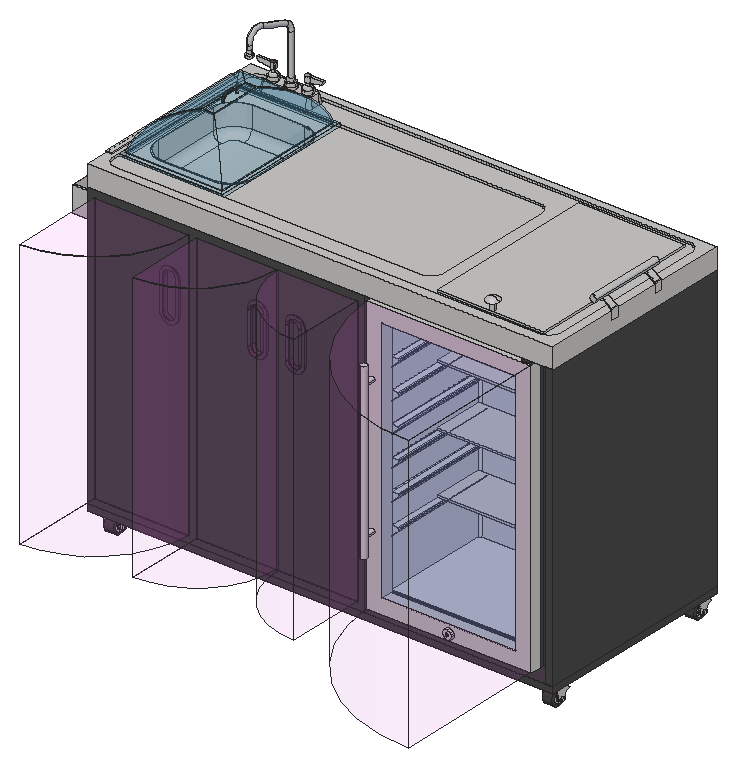
Revit family "QF_Summit_CARTOS54LG_Mobile_Outdoor_Serving_Station_with_Refrigerator", category Specialty Equipment, Revit 2020
Family settings
  Round Connector Dimension = Use Diameter
  Part Type = Normal
  Work Plane-Based = No
  Always vertical = Yes
  Cut with Voids When Loaded = No
  Shared = No
  Room Calculation Point = No
Parameters
  Weight in Pounds = 180
  Watts = Volts * FL Amps  # 0 W
  Volts = 0 V
  URL Cutsheet = ""
  Specification by User = ""
  Specification by Manufacturer = ""
  Show RHD [instance] = yes
  Show LHD [instance] = not(Show RHD)  # no
  Show Clearance [instance] = yes
  Serial Number = ""
  Seismic Rating = ""
  SMACNA No = ""
  Revision Code = ""
  Refrigerant Volume = 0.00 kip
  Refrigerant Type = "R600a"
  Phase = 0
  Number of Poles = 1
  NAFEM Spec ID Number = ""
  Model = "CARTOS54LG"
  Min Ckt Ampacity = 0 A
  Max Overcurrent Protection = 0 A
  Masterspec = ""
  Manufacturer = "Summit"
  Length = 57 7/8"
  Item Number = ""
  Installed By = ""
  Identify Quantity as Lot = yes
  Height = 38 1/2"
  HP = ""
  Furnished By = ""
  Foodservice Equipment Identifier = yes
  FL Amps = 0 A
  Electrical Remarks = ""
  Electric Connection Type = ""
  Elec Conn RI Height = 0"
  Elec Conn Connection Height = 0"
  Description = "Mobile Outdoor Serving Station with Refrigerator"
  Depth = 23 5/8"
  Default Elevation = 0"
  Cycle = 0 Hz
  Conn Plug = ""
  Conn Conduit = yes
  CSI MasterFormat = ""
  Apparent Power = if(Phase = 3, Volts * FL Amps * 1.73, Volts * FL Amps)  # 0 VA
Reference planes (in)
  plane 1 "BACK": y = 0
  plane 2: z = 0
  plane 3 "LEFT": x = -5.125
  plane 4 "RIGHT": x = 48.75
  plane 5 "FRONT": y = -23.625
  plane 6 "TOP": z = 38.5
  plane 7 "Center Y": x = 21.8125
  plane 8 "Center X": y = -11.8125
  plane 9 "Base Height": z = 2.5
  plane 10: y = -38.63
  plane 11: z = 3.25
  plane 12: x = -3.375
  plane 13: x = -9.125
Forms (in)
  Extrusion 1, solid, material "QF_Metal - Stainless - Polished"
    sketch origin (32, 0, 38.5) x (-1, 0, 0) y (0, -1, 0)
      loop
        line (37.125, 0) -> (37.125, 23.625) -> (-16.75, 23.625) -> (-16.75, 0) -> (37.125, 0)
      loop
        arc (35.4375, 15.73093) -> (34.68696, 17.54289) -> (32.875, 18.29343) r 2.5625
        line (32.875, 18.29343) -> (26.875, 18.29343)
        arc (26.875, 18.29343) -> (25.06304, 17.54289) -> (24.3125, 15.73093) r 2.5625
        line (24.3125, 15.73093) -> (24.3125, 7.73093)
        arc (24.3125, 7.73093) -> (25.06304, 5.91896) -> (26.875, 5.16843) r 2.5625
        line (26.875, 5.16843) -> (32.875, 5.16843)
        arc (32.875, 5.16843) -> (34.68696, 5.91896) -> (35.4375, 7.73093) r 2.5625
        line (35.4375, 7.73093) -> (35.4375, 15.73093)
    from 0 to -2.375
  Sweep 2, solid, material "QF_Metal - Stainless - Polished"
    path origin (-7.6696, 0.875, 0) x (1, 0, 0) y (0, 1, 0)
      loop
        arc (4.2946, -16.60593) -> (5.02683, -18.37369) -> (6.7946, -19.10593) r 2.5
        line (6.7946, -19.10593) -> (12.7946, -19.10593)
        arc (12.7946, -19.10593) -> (14.56236, -18.37369) -> (15.2946, -16.60593) r 2.5
        line (15.2946, -16.60593) -> (15.2946, -8.60593)
        arc (15.2946, -8.60593) -> (14.56236, -6.83816) -> (12.7946, -6.10593) r 2.5
        line (12.7946, -6.10593) -> (6.7946, -6.10593)
        arc (6.7946, -6.10593) -> (5.02683, -6.83816) -> (4.2946, -8.60593) r 2.5
        line (4.2946, -8.60593) -> (4.2946, -16.60593)
    profile origin (-3.375, -11.73093, 0) x (-1, 0, 0) y (0, 0, 1)
      loop
        line (0, 38) -> (0, 35.5625)
        arc (0, 35.5625) -> (-0.29289, 34.85539) -> (-1, 34.5625) r 1
        line (-1, 34.5625) -> (-1, 34.5)
        arc (-1, 34.5) -> (-0.2487, 34.8112) -> (0.0625, 35.5625) r 1.0625
        line (0.0625, 35.5625) -> (0.0625, 38) -> (0, 38)
  Extrusion 3, solid, material "QF_Plastic - Black - Smooth"
    sketch origin (-18.18739, -180, 2.5) x (-1, 0, 0) y (0, -1, 0)
      loop
        line (-13.06239, -180) -> (-13.06239, -156.375) -> (-13.93739, -156.375) -> (-13.93739, -179) -> (-44.31239, -179) -> (-44.31239, -156.375) -> (-45.18739, -156.375) -> (-45.18739, -179) -> (-66.06239, -179) -> (-66.06239, -156.375) -> (-66.93739, -156.375) -> (-66.93739, -180) -> (-13.06239, -180)
    from 0.75 to 33.625
  Extrusion 4, solid, material "QF_Plastic - Black - Smooth"
    sketch origin (-4.25, -23.625, 2.5) x (-1, 0, 0) y (0, 0, -1)
      loop
        line (0, -33.625) -> (0, -32.75) -> (-10.875, -32.75) -> (-10.875, -33.625) -> (0, -33.625)
      loop
        line (-11.75, -33.625) -> (-11.75, -32.75) -> (-30.375, -32.75) -> (-30.375, -33.625) -> (-11.75, -33.625)
    from 0 to -1
  Extrusion 5, solid, material "QF_Plastic - Black - Smooth"
    sketch origin (4.5, -1, 2.5) x (1, 0, 0) y (0, 0, 1)
      loop
        line (-8.75, 1.625) -> (-8.75, 0.75) -> (21.625, 0.75) -> (21.625, 1.625) -> (-8.75, 1.625)
    from 0 to 22.625
  Extrusion 6, solid, material "QF_Plastic - Black - Smooth"
    sketch origin (20, -23.625, 2.5) x (-1, 0, 0) y (0, 0, -1)
      loop
        line (24.25, -1.625) -> (13.375, -1.625) -> (13.375, -32.75) -> (24.25, -32.75) -> (24.25, -1.625)
      loop
        line (12.5, -32.75) -> (12.5, -1.625) -> (3.1875, -1.625) -> (3.1875, -32.75) -> (12.5, -32.75)
      loop
        line (3.0625, -32.75) -> (3.0625, -1.625) -> (-6.125, -1.625) -> (-6.125, -32.75) -> (3.0625, -32.75)
    from 0 to -1
  Extrusion 7, void
    sketch origin (7.40962, -23.625, 2.5) x (-1, 0, 0) y (0, 0, -1)
      loop
        line (3.78462, -27.625) -> (3.78462, -23.875)
        arc (3.78462, -23.875) -> (3.03462, -23.125) -> (2.28462, -23.875) r 0.75
        line (2.28462, -23.875) -> (2.28462, -27.625)
        arc (2.28462, -27.625) -> (3.03462, -28.375) -> (3.78462, -27.625) r 0.75
    from 0.5 to -0.5009
  Extrusion 8, solid, material "QF_Plastic - Black - Smooth"
    sketch origin (7.15962, -23.625, 2.5) x (-1, 0, 0) y (0, 0, -1)
      loop
        arc (3.53462, -23.875) -> (2.78462, -23.125) -> (2.03462, -23.875) r 0.75
        line (2.03462, -23.875) -> (2.03462, -27.625)
        arc (2.03462, -27.625) -> (2.78462, -28.375) -> (3.53462, -27.625) r 0.75
        line (3.53462, -27.625) -> (3.53462, -23.875)
      loop
        line (3.90962, -27.625) -> (3.90962, -23.875)
        arc (3.90962, -23.875) -> (2.78462, -22.75) -> (1.65962, -23.875) r 1.125
        line (1.65962, -23.875) -> (1.65962, -27.625)
        arc (1.65962, -27.625) -> (2.78462, -28.75) -> (3.90962, -27.625) r 1.125
    from 0 to 0.0625
  Extrusion 9, solid, material "QF_Metal - Stainless - Polished"
    sketch origin (-21.5615, 0.875, 5.375) x (1, 0, 0) y (0, 1, 0)
      loop
        line (19.1865, -8.60593) -> (19.1865, -16.60593)
        arc (19.1865, -16.60593) -> (19.62584, -17.66659) -> (20.6865, -18.10593) r 1.5
        line (20.6865, -18.10593) -> (26.6865, -18.10593)
        arc (26.6865, -18.10593) -> (27.74716, -17.66659) -> (28.1865, -16.60593) r 1.5
        line (28.1865, -16.60593) -> (28.1865, -8.60593)
        arc (28.1865, -8.60593) -> (27.74716, -7.54527) -> (26.6865, -7.10593) r 1.5
        line (26.6865, -7.10593) -> (20.6865, -7.10593)
        arc (20.6865, -7.10593) -> (19.62584, -7.54527) -> (19.1865, -8.60593) r 1.5
      loop
        circle (22.6865, -15.35593) r 0.875
    from 29.125 to 29.1875
  Extrusion 10, solid, material "QF_Clearances_Door_Drawer", visible <- "Show Clearance"
    sketch origin (-7.19319, 0, 0) x (1, 0, 0) y (0, 1, 0)
      loop
        arc (24.13069, -23.625) -> (26.82165, -30.12154) -> (33.31819, -32.8125) r 9.1875
        line (33.31819, -32.8125) -> (33.31819, -23.625) -> (24.13069, -23.625)
      loop
        line (24.00569, -23.625) -> (14.69319, -23.625) -> (14.69319, -32.9375)
        arc (14.69319, -32.9375) -> (21.27813, -30.20993) -> (24.00569, -23.625) r 9.3125
      loop
        line (13.81819, -23.625) -> (2.94319, -23.625) -> (2.94319, -34.5)
        arc (2.94319, -34.5) -> (10.63298, -31.31479) -> (13.81819, -23.625) r 10.875
    from 4.125 to 35.25
  Extrusion 11, void
    sketch origin (32, 0, 38.5) x (-1, 0, 0) y (0, -1, 0)
      loop
        arc (-15.75, 2.35593) -> (-15.31066, 1.29527) -> (-14.25, 0.85593) r 1.5
        line (-14.25, 0.85593) -> (34.625, 0.85593)
        arc (34.625, 0.85593) -> (35.68566, 1.29527) -> (36.125, 2.35593) r 1.5
        line (36.125, 2.35593) -> (36.125, 21.125)
        arc (36.125, 21.125) -> (35.68566, 22.18566) -> (34.625, 22.625) r 1.5
        line (34.625, 22.625) -> (-14.25, 22.625)
        arc (-14.25, 22.625) -> (-15.31066, 22.18566) -> (-15.75, 21.125) r 1.5
        line (-15.75, 21.125) -> (-15.75, 2.35593)
      loop
        arc (26.875, 18.29343) -> (25.06304, 17.54289) -> (24.3125, 15.73093) r 2.5625
        line (24.3125, 15.73093) -> (24.3125, 7.73093)
        arc (24.3125, 7.73093) -> (25.06304, 5.91896) -> (26.875, 5.16843) r 2.5625
        line (26.875, 5.16843) -> (32.875, 5.16843)
        arc (32.875, 5.16843) -> (34.68696, 5.91896) -> (35.4375, 7.73093) r 2.5625
        line (35.4375, 7.73093) -> (35.4375, 15.73093)
        arc (35.4375, 15.73093) -> (34.68696, 17.54289) -> (32.875, 18.29343) r 2.5625
        line (32.875, 18.29343) -> (26.875, 18.29343)
    from -0.25 to 1
  Extrusion 12, void
    sketch origin (32, 0, 38.25) x (-1, 0, 0) y (0, -1, 0)
      loop
        line (1.125, 3.35593) -> (36.125, 3.35593) -> (36.125, 20.35593) -> (1.125, 20.35593)
        arc (1.125, 20.35593) -> (0.06434, 19.91659) -> (-0.375, 18.85593) r 1.5
        line (-0.375, 18.85593) -> (-0.375, 4.85593)
        arc (-0.375, 4.85593) -> (0.06434, 3.79527) -> (1.125, 3.35593) r 1.5
      loop
        line (-2.0625, 1.5) -> (-2.0625, 22) -> (-14.3125, 22) -> (-14.3125, 1.5) -> (-2.0625, 1.5)
    from -0.25 to 1
  Extrusion 13, void
    sketch origin (8.05337, -23.625, 7.37985) x (-1, 0, 0) y (0, 0, -1)
      loop
        arc (-5.75913, -18.99515) -> (-6.50913, -18.24515) -> (-7.25913, -18.99515) r 0.75
        line (-7.25913, -18.99515) -> (-7.25913, -22.74515)
        arc (-7.25913, -22.74515) -> (-6.50913, -23.49515) -> (-5.75913, -22.74515) r 0.75
        line (-5.75913, -22.74515) -> (-5.75913, -18.99515)
    from 0.5 to -0.5009
  Extrusion 14, solid, material "QF_Plastic - Black - Smooth"
    sketch origin (7.80337, -23.625, 7.37985) x (-1, 0, 0) y (0, 0, -1)
      loop
        arc (-7.50913, -22.74515) -> (-6.75913, -23.49515) -> (-6.00913, -22.74515) r 0.75
        line (-6.00913, -22.74515) -> (-6.00913, -18.99515)
        arc (-6.00913, -18.99515) -> (-6.75913, -18.24515) -> (-7.50913, -18.99515) r 0.75
        line (-7.50913, -18.99515) -> (-7.50913, -22.74515)
      loop
        arc (-7.88413, -22.74515) -> (-6.75913, -23.87015) -> (-5.63413, -22.74515) r 1.125
        line (-5.63413, -22.74515) -> (-5.63413, -18.99515)
        arc (-5.63413, -18.99515) -> (-6.75913, -17.87015) -> (-7.88413, -18.99515) r 1.125
        line (-7.88413, -18.99515) -> (-7.88413, -22.74515)
    from 0 to 0.0625
  Extrusion 15, solid, material "QF_Plastic - Black - Smooth"
    sketch origin (-11.06091, -180, 2.5) x (-1, 0, 0) y (0, -1, 0)
      loop
        line (-5.93591, -180) -> (-5.93591, -156.375) -> (-59.81091, -156.375) -> (-59.81091, -180) -> (-5.93591, -180)
    from 0 to 0.75
  Extrusion 16, void
    sketch origin (12.42837, -23.625, 7.37985) x (-1, 0, 0) y (0, 0, -1)
      loop
        arc (-5.75913, -18.99515) -> (-6.50913, -18.24515) -> (-7.25913, -18.99515) r 0.75
        line (-7.25913, -18.99515) -> (-7.25913, -22.74515)
        arc (-7.25913, -22.74515) -> (-6.50913, -23.49515) -> (-5.75913, -22.74515) r 0.75
        line (-5.75913, -22.74515) -> (-5.75913, -18.99515)
    from 0.5 to -0.5009
  Extrusion 17, solid, material "QF_Plastic - Black - Smooth"
    sketch origin (12.17837, -23.625, 7.37985) x (-1, 0, 0) y (0, 0, -1)
      loop
        arc (-7.50913, -22.74515) -> (-6.75913, -23.49515) -> (-6.00913, -22.74515) r 0.75
        line (-6.00913, -22.74515) -> (-6.00913, -18.99515)
        arc (-6.00913, -18.99515) -> (-6.75913, -18.24515) -> (-7.50913, -18.99515) r 0.75
        line (-7.50913, -18.99515) -> (-7.50913, -22.74515)
      loop
        arc (-7.88413, -22.74515) -> (-6.75913, -23.87015) -> (-5.63413, -22.74515) r 1.125
        line (-5.63413, -22.74515) -> (-5.63413, -18.99515)
        arc (-5.63413, -18.99515) -> (-6.75913, -17.87015) -> (-7.88413, -18.99515) r 1.125
        line (-7.88413, -18.99515) -> (-7.88413, -22.74515)
    from 0 to 0.0625
  Extrusion 18, solid, material "QF_Plastic - Black - Smooth"
    sketch origin (-4.25, -23.625, 2.5) x (-1, 0, 0) y (0, 0, -1)
      loop
        line (-10.875, -33.625) -> (-10.875, -0.75) -> (-11.75, -0.75) -> (-11.75, -33.625) -> (-10.875, -33.625)
    from 0 to -1
  Extrusion 19, solid, material "QF_Metal - Stainless - Polished"
    sketch origin (0, 0, 0) x (1, 0, 0) y (0, 0, 1)
      loop
        circle (47.5, 39.77998) r 0.375
    from 7.23093 to 16.24046
  Extrusion 20, solid, material "QF_Metal - Stainless - Polished"
    sketch origin (0, 0, 0) x (1, 0, 0) y (0, 0, 1)
      loop
        line (47.25, 39.50047) -> (47.25, 39.34696)
        arc (47.25, 39.34696) -> (47.37059, 39.29701) -> (47.5, 39.27998) r 0.5
        arc (47.5, 39.27998) -> (47.62819, 39.29669) -> (47.74781, 39.34571) r 0.5
        arc (47.74781, 39.34571) -> (47.80199, 39.35875) -> (47.85473, 39.34077) r 0.1
        line (47.85473, 39.34077) -> (48.70736, 38.74376)
        arc (48.70736, 38.74376) -> (48.7387, 38.70801) -> (48.75, 38.66184) r 0.1
        line (48.75, 38.66184) -> (48.75, 37.66184) -> (48.875, 37.66184) -> (48.875, 38.72691)
        arc (48.875, 38.72691) -> (48.8637, 38.77309) -> (48.83236, 38.80883) r 0.1
        line (48.83236, 38.80883) -> (47.78815, 39.53999)
        arc (47.78815, 39.53999) -> (47.52746, 39.40598) -> (47.25, 39.50047) r 0.375
    from 8.24046 to 8.99046
  Extrusion 21, solid, material "QF_Metal - Stainless - Polished"
    sketch origin (0, -11.8125, 0) x (-1, 0, 0) y (0, 0, 1)
      loop
        arc (-47.85473, 39.34077) -> (-47.80199, 39.35875) -> (-47.74781, 39.34571) r 0.1
        arc (-47.74781, 39.34571) -> (-47.62819, 39.29669) -> (-47.5, 39.27998) r 0.5
        arc (-47.5, 39.27998) -> (-47.37059, 39.29701) -> (-47.25, 39.34696) r 0.5
        line (-47.25, 39.34696) -> (-47.25, 39.50047)
        arc (-47.25, 39.50047) -> (-47.52746, 39.40598) -> (-47.78815, 39.53999) r 0.375
        line (-47.78815, 39.53999) -> (-48.83236, 38.80883)
        arc (-48.83236, 38.80883) -> (-48.8637, 38.77309) -> (-48.875, 38.72691) r 0.1
        line (-48.875, 38.72691) -> (-48.875, 37.66184) -> (-48.75, 37.66184) -> (-48.75, 38.66184)
        arc (-48.75, 38.66184) -> (-48.7387, 38.70801) -> (-48.70736, 38.74376) r 0.1
        line (-48.70736, 38.74376) -> (-47.85473, 39.34077)
    from -2.67796 to -3.42796
  Extrusion 22, solid, material "QF_Metal - Stainless - Polished"
    sketch origin (0, 0, 38.5) x (-1, 0, 0) y (0, -1, 0)
      loop
        line (9.125, 2.8125) -> (9.125, 20.8125) -> (5.125, 20.8125) -> (5.125, 2.8125) -> (9.125, 2.8125)
      loop
        line (9, 2.9375) -> (9, 20.6875) -> (5.25, 20.6875) -> (5.25, 2.9375) -> (9, 2.9375)
    from -4.75 to -7.75
  Extrusion 23, solid, material "QF_Metal - Stainless - Polished"
    sketch origin (0, -11.8125, 0) x (-1, 0, 0) y (0, 0, 1)
      loop
        line (5.25, 33.75) -> (5.25, 38.625) -> (4.625, 38.625) -> (4.625, 38.5) -> (5.125, 38.5) -> (5.125, 33.75) -> (5.25, 33.75)
    from -9 to 9
  Sweep 24, solid, material "Glass"
    path origin (0.14063, -0.00258, 38) x (-1, 0, 0) y (0, -1, 0)
      loop
        line (4.26563, 20.35335) -> (-7.78995, 20.35335) -> (-7.78995, 3.35335) -> (4.26563, 3.35335) -> (4.26563, 20.35335)
    profile origin (-4.125, -11.85593, 38) x (-1, 0, 0) y (0, 0, 1)
      loop
        line (0, 0) -> (0, 0.5) -> (-0.5, 0.5) -> (-0.5, 0) -> (0, 0)
  Sweep 25, solid, material "Glass"
    path in 3D
      loop
        line (-3.625, -3.85593, 38.5) -> (7.43058, -3.85593, 38.5) -> (7.43058, -19.85593, 38.5) -> (-3.625, -19.85593, 38.5) -> (-3.625, -3.85593, 38.5)
    profile origin (-3.625, -11.85593, 38.5) x (-1, 0, 0) y (0, 0, 1)
      loop
        arc (0.12794, 0) -> (-1.6564, 2.93188) -> (-4.8745, 4.12503) r 5.22703
        line (-4.8745, 4.12503) -> (-4.8745, 4)
        arc (-4.8745, 4) -> (-1.74534, 2.84318) -> (0, 0) r 5.10203
        line (0, 0) -> (0.12794, 0)
  Extrusion 26, solid, material "Glass"
    sketch origin (1.80508, -15.56871, 42.49525) x (0, 0, 1) y (0, 1, 0)
      loop
        arc (0.12978, 2.63306) -> (1.00643, 3.76261) -> (0.12978, 4.89216) r 1.16603
        line (0.12978, 4.89216) -> (0.12978, 4.76261)
        arc (0.12978, 4.76261) -> (0.88143, 3.76261) -> (0.12978, 2.76261) r 1.04103
        line (0.12978, 2.76261) -> (0.12978, 2.63306)
    from 0 to -0.251
  Sweep 27, solid, material "Glass", not visible
    path origin (0, 0, 38.25) x (-1, 0, 0) y (0, -1, 0)
      loop
        line (4.26563, 20.35335) -> (-7.78995, 20.35335) -> (-7.78995, 3.35335) -> (4.26563, 3.35335) -> (4.26563, 20.35335)
    profile origin (-4.26563, -11.85335, 38.25) x (-1, 0, 0) y (0, 0, 1)
      loop
        line (0, 0) -> (0, 0.5) -> (-0.5, 0.5) -> (-0.5, 0) -> (0, 0)
  Sweep 28, solid, material "Glass", not visible
    path in 3D
      loop
        line (-3.76563, -3.85335, 38.75) -> (7.28995, -3.85335, 38.75) -> (7.28995, -19.85335, 38.75) -> (-3.76563, -19.85335, 38.75) -> (-3.76563, -3.85335, 38.75)
    profile origin (-3.76563, -11.85335, 38.75) x (-1, 0, 0) y (0, 0, 1)
      loop
        arc (0.12794, 0) -> (-1.6564, 2.93188) -> (-4.8745, 4.12503) r 5.22703
        line (-4.8745, 4.12503) -> (-4.8745, 4)
        arc (-4.8745, 4) -> (-1.74534, 2.84318) -> (0, 0) r 5.10203
        line (0, 0) -> (0.12794, 0)
  Extrusion 29, solid, material "Glass", not visible
    sketch origin (1.66445, -15.56613, 42.74525) x (0, 0, 1) y (0, 1, 0)
      loop
        arc (0.12978, 2.63306) -> (1.00643, 3.76261) -> (0.12978, 4.89216) r 1.16603
        line (0.12978, 4.89216) -> (0.12978, 4.76261)
        arc (0.12978, 4.76261) -> (0.88143, 3.76261) -> (0.12978, 2.76261) r 1.04103
        line (0.12978, 2.76261) -> (0.12978, 2.63306)
    from 0 to -0.251
  Extrusion 30, solid, material "QF_Metal - Stainless - Polished"
    sketch origin (32, 0, 38.25) x (-1, 0, 0) y (0, -1, 0)
      loop
        line (-2.0625, 1.5) -> (-2.0625, 22) -> (-14.3125, 22) -> (-14.3125, 1.5) -> (-2.0625, 1.5)
    from 0 to 0.25
  Revolve 31, solid, material "QF_Metal - Stainless - Polished"
    sketch origin (0, -21.65625, 0) x (-1, 0, 0) y (0, 0, 1)
      loop
        line (-40.1875, 38.5) -> (-39.9375, 38.5) -> (-39.9375, 39.5) -> (-39.4375, 39.5)
        arc (-39.4375, 39.5) -> (-39.76578, 39.77505) -> (-40.1875, 39.84973) r 0.82968
        line (-40.1875, 39.84973) -> (-40.1875, 38.5)
      axis (-40.1875, 39.84973) -> (-40.1875, 38.5)
    angle from 0 to 360
  Extrusion 32, solid, material "Glass"
    sketch origin (1.2495, -14.98142, 42.5) x (0, 1, 0) y (0, 0, 1)
      loop
        line (0, 0) -> (6.251, 0) -> (6.251, 0.12503) -> (0, 0.12503) -> (0, 0)
    from 0 to 1.30657
  Extrusion 33, solid, material "Glass", not visible
    sketch origin (1.10888, -14.97885, 42.75) x (0, 1, 0) y (0, 0, 1)
      loop
        line (0, 0) -> (6.251, 0) -> (6.251, 0.12503) -> (0, 0.12503) -> (0, 0)
    from 0 to 1.30657
Cuts and joins
  joined: Extrusion 3, Extrusion 4, Extrusion 5, Extrusion 18
  Extrusion 7, Extrusion 13, Extrusion 16 cuts Extrusion 6
  Extrusion 13 cuts Extrusion 8
  Extrusion 13, Extrusion 16 cuts Extrusion 10
  Extrusion 13, Extrusion 16 cuts Extrusion 14
  Extrusion 11, Extrusion 12 cuts Extrusion 1
  Extrusion 16 cuts Extrusion 17
  joined: Sweep 2, Extrusion 9
  joined: Extrusion 22, Extrusion 23
  joined: Sweep 24, Sweep 25, Extrusion 26, Extrusion 32
Lines and regions (in)
  Split face 1
    outline origin (-4.125, -3.35593, 38) x (1, 0, 0) y (0, 1, 0)
      loop
        arc (13.875, -1.875) -> (13.5, -2.25) -> (13.875, -2.625) r 0.375
        line (13.875, -2.625) -> (34.625, -2.625)
        arc (34.625, -2.625) -> (35, -2.25) -> (34.625, -1.875) r 0.375
        line (34.625, -1.875) -> (13.875, -1.875)
  Split face 2
    outline origin (-4.125, -3.35593, 38) x (1, 0, 0) y (0, 1, 0)
      loop
        arc (13.875, -3.125) -> (13.5, -3.5) -> (13.875, -3.875) r 0.375
        line (13.875, -3.875) -> (34.625, -3.875)
        arc (34.625, -3.875) -> (35, -3.5) -> (34.625, -3.125) r 0.375
        line (34.625, -3.125) -> (13.875, -3.125)
  Split face 3
    outline origin (-4.125, -3.35593, 38) x (1, 0, 0) y (0, 1, 0)
      loop
        arc (13.875, -4.375) -> (13.5, -4.75) -> (13.875, -5.125) r 0.375
        line (13.875, -5.125) -> (34.625, -5.125)
        arc (34.625, -5.125) -> (35, -4.75) -> (34.625, -4.375) r 0.375
        line (34.625, -4.375) -> (13.875, -4.375)
  Split face 4
    outline origin (-4.125, -3.35593, 38) x (1, 0, 0) y (0, 1, 0)
      loop
        arc (13.875, -5.625) -> (13.5, -6) -> (13.875, -6.375) r 0.375
        line (13.875, -6.375) -> (34.625, -6.375)
        arc (34.625, -6.375) -> (35, -6) -> (34.625, -5.625) r 0.375
        line (34.625, -5.625) -> (13.875, -5.625)
  Split face 5
    outline origin (-4.125, -3.35593, 38) x (1, 0, 0) y (0, 1, 0)
      loop
        arc (13.875, -6.875) -> (13.5, -7.25) -> (13.875, -7.625) r 0.375
        line (13.875, -7.625) -> (34.625, -7.625)
        arc (34.625, -7.625) -> (35, -7.25) -> (34.625, -6.875) r 0.375
        line (34.625, -6.875) -> (13.875, -6.875)
  Split face 6
    outline origin (-4.125, -3.35593, 38) x (1, 0, 0) y (0, 1, 0)
      loop
        line (13.875, -8.875) -> (34.625, -8.875)
        arc (34.625, -8.875) -> (35, -8.5) -> (34.625, -8.125) r 0.375
        line (34.625, -8.125) -> (13.875, -8.125)
        arc (13.875, -8.125) -> (13.5, -8.5) -> (13.875, -8.875) r 0.375
  Split face 7
    outline origin (-4.125, -3.35593, 38) x (1, 0, 0) y (0, 1, 0)
      loop
        arc (13.875, -9.375) -> (13.5, -9.75) -> (13.875, -10.125) r 0.375
        line (13.875, -10.125) -> (34.625, -10.125)
        arc (34.625, -10.125) -> (35, -9.75) -> (34.625, -9.375) r 0.375
        line (34.625, -9.375) -> (13.875, -9.375)
  Split face 8
    outline origin (-4.125, -3.35593, 38) x (1, 0, 0) y (0, 1, 0)
      loop
        line (13.875, -11.375) -> (34.625, -11.375)
        arc (34.625, -11.375) -> (35, -11) -> (34.625, -10.625) r 0.375
        line (34.625, -10.625) -> (13.875, -10.625)
        arc (13.875, -10.625) -> (13.5, -11) -> (13.875, -11.375) r 0.375
  Split face 9
    outline origin (-4.125, -3.35593, 38) x (1, 0, 0) y (0, 1, 0)
      loop
        arc (13.875, -11.875) -> (13.5, -12.25) -> (13.875, -12.625) r 0.375
        line (13.875, -12.625) -> (34.625, -12.625)
        arc (34.625, -12.625) -> (35, -12.25) -> (34.625, -11.875) r 0.375
        line (34.625, -11.875) -> (13.875, -11.875)
  Split face 10
    outline origin (-4.125, -3.35593, 38) x (1, 0, 0) y (0, 1, 0)
      loop
        line (13.875, -13.875) -> (34.625, -13.875)
        arc (34.625, -13.875) -> (35, -13.5) -> (34.625, -13.125) r 0.375
        line (34.625, -13.125) -> (13.875, -13.125)
        arc (13.875, -13.125) -> (13.5, -13.5) -> (13.875, -13.875) r 0.375
  Split face 11
    outline origin (-4.125, -3.35593, 38) x (1, 0, 0) y (0, 1, 0)
      loop
        line (13.875, -15.125) -> (34.625, -15.125)
        arc (34.625, -15.125) -> (35, -14.75) -> (34.625, -14.375) r 0.375
        line (34.625, -14.375) -> (13.875, -14.375)
        arc (13.875, -14.375) -> (13.5, -14.75) -> (13.875, -15.125) r 0.375
  Split face 12
    outline origin (32, 0, 38.5) x (-1, 0, 0) y (0, -1, 0)
      loop
        line (-2.75, 2.1875) -> (-2.75, 21.3125) -> (-13.625, 21.3125) -> (-13.625, 2.1875) -> (-2.75, 2.1875)
  sketch lines
    curve 1: line (-3.625, -19.85593, 38.5) -> (-3.625, -3.85593, 38.5)
    curve 2: line (-3.625, -3.85593, 38.5) -> (7.43058, -3.85593, 38.5)
    curve 3: line (7.43058, -19.85593, 38.5) -> (-3.625, -19.85593, 38.5)
    curve 4: line (7.43058, -3.85593, 38.5) -> (7.43058, -19.85593, 38.5)
  sketch lines, not visible
    curve 5: line (-3.76563, -19.85335, 38.75) -> (-3.76563, -3.85335, 38.75)
    curve 6: line (-3.76563, -3.85335, 38.75) -> (7.28995, -3.85335, 38.75)
    curve 7: line (7.28995, -19.85335, 38.75) -> (-3.76563, -19.85335, 38.75)
    curve 8: line (7.28995, -3.85335, 38.75) -> (7.28995, -19.85335, 38.75)
  symbolic lines
    curve 9: line (-4.125, -3.3585, 38.5) -> (-2.39167, -3.3585, 38.5)
    curve 10: line (-4.125, -20.35593, 38.5) -> (-4.125, -3.3585, 38.5)
    curve 11: line (7.93058, -20.35593, 38.5) -> (-4.125, -20.35593, 38.5)
    curve 12: line (7.93058, -3.3585, 38.5) -> (7.93058, -20.35593, 38.5)
    curve 13: line (1.80508, -10.67655, 38.5) -> (2.05608, -10.67655, 38.5)
    curve 14: line (1.80508, -12.93564, 38.5) -> (1.80508, -10.67655, 38.5)
    curve 15: line (2.05608, -12.93564, 38.5) -> (1.80508, -12.93564, 38.5)
    curve 16: line (2.05608, -10.67655, 38.5) -> (2.05608, -12.93564, 38.5)
    curve 25: line (-5.125, 0, 38.5) -> (48.75, 0, 38.5)
    curve 26: line (-5.125, -23.625, 38.5) -> (-5.125, -20.8125, 38.5)
    curve 27: line (48.75, -23.625, 38.5) -> (-5.125, -23.625, 38.5)
    curve 28: line (48.75, 0, 38.5) -> (48.75, -8.24046, 38.5)
    curve 29: line (47.85473, -8.24046, 38.5) -> (48.875, -8.24046, 38.5)
    curve 30: line (48.875, -8.24046, 38.5) -> (48.875, -8.99046, 38.5)
    curve 31: line (48.875, -8.99046, 38.5) -> (47.85473, -8.99046, 38.5)
    curve 32: line (47.85473, -14.49046, 38.5) -> (48.875, -14.49046, 38.5)
    curve 33: line (48.875, -14.49046, 38.5) -> (48.875, -15.24046, 38.5)
    curve 34: line (48.875, -15.24046, 38.5) -> (47.85473, -15.24046, 38.5)
    curve 35: line (47.125, -7.23093, 38.5) -> (47.875, -7.23093, 38.5)
    curve 36: line (47.125, -16.24046, 38.5) -> (47.125, -7.23093, 38.5)
    curve 37: line (47.875, -16.24046, 38.5) -> (47.125, -16.24046, 38.5)
    curve 38: line (47.875, -7.23093, 38.5) -> (47.875, -16.24046, 38.5)
    curve 39: line (48.75, -15.24046, 38.5) -> (48.75, -23.625, 38.5)
    curve 40: line (48.75, -8.99046, 38.5) -> (48.75, -14.49046, 38.5)
    curve 41: arc (46.25, -0.85593, 38.5) -> (47.31066, -1.29527, 38.5) -> (47.75, -2.35593, 38.5) r 1.5
    curve 42: line (47.75, -2.35593, 38.5) -> (47.75, -7.23093, 38.5)
    curve 43: arc (47.75, -21.125, 38.5) -> (47.31066, -22.18566, 38.5) -> (46.25, -22.625, 38.5) r 1.5
    curve 44: line (46.25, -22.625, 38.5) -> (-2.625, -22.625, 38.5)
    curve 45: arc (-2.625, -22.625, 38.5) -> (-3.68566, -22.18566, 38.5) -> (-4.125, -21.125, 38.5) r 1.5
    curve 46: line (-4.125, -21.125, 38.5) -> (-4.125, -2.35593, 38.5)
    curve 47: arc (-4.125, -2.35593, 38.5) -> (-3.68566, -1.29527, 38.5) -> (-2.625, -0.85593, 38.5) r 1.5
    curve 48: line (-2.625, -0.85593, 38.5) -> (46.25, -0.85593, 38.5)
    curve 49: line (46.3125, -22, 38.5) -> (46.3125, -1.5, 38.5)
    curve 50: line (46.3125, -1.5, 38.5) -> (34.0625, -1.5, 38.5)
    curve 51: line (34.0625, -1.5, 38.5) -> (34.0625, -22, 38.5)
    curve 52: line (34.0625, -22, 38.5) -> (39.52091, -22, 38.5)
    curve 53: line (34.75, -21.3125, 38.5) -> (39.52091, -21.3125, 38.5)
    curve 54: line (34.75, -2.1875, 38.5) -> (34.75, -21.3125, 38.5)
    curve 55: line (45.625, -21.3125, 38.5) -> (45.625, -2.1875, 38.5)
    curve 56: line (45.625, -2.1875, 38.5) -> (34.75, -2.1875, 38.5)
    curve 57: circle (40.1875, -21.65625, 38.5) r 0.75 normal (0, 0, 1)
    curve 58: line (40.85409, -21.3125, 38.5) -> (45.625, -21.3125, 38.5)
    curve 59: line (40.85409, -22, 38.5) -> (46.3125, -22, 38.5)
    curve 60: line (47.75, -16.24046, 38.5) -> (47.75, -21.125, 38.5)
    curve 61: line (-9.125, -2.8125, 38.5) -> (-4.625, -2.8125, 38.5)
    curve 62: line (-9.125, -20.8125, 38.5) -> (-9.125, -2.8125, 38.5)
    curve 63: line (-4.625, -20.8125, 38.5) -> (-9.125, -20.8125, 38.5)
    curve 64: line (-4.625, -2.8125, 38.5) -> (-4.625, -20.8125, 38.5)
    curve 65: line (-9, -2.9375, 38.5) -> (-5.25, -2.9375, 38.5)
    curve 66: line (-9, -20.6875, 38.5) -> (-9, -2.9375, 38.5)
    curve 67: line (-5.25, -20.6875, 38.5) -> (-9, -20.6875, 38.5)
    curve 68: line (-5.25, -2.9375, 38.5) -> (-5.25, -20.6875, 38.5)
    curve 69: line (30.875, -3.35593, 38.5) -> (4.65967, -3.35593, 38.5)
    curve 70: line (-4.125, -20.35593, 38.5) -> (30.875, -20.35593, 38.5)
    curve 71: arc (32.375, -4.85593, 38.5) -> (31.93566, -3.79527, 38.5) -> (30.875, -3.35593, 38.5) r 1.5
    curve 72: line (32.375, -18.85593, 38.5) -> (32.375, -4.85593, 38.5)
    curve 73: arc (30.875, -20.35593, 38.5) -> (31.93566, -19.91659, 38.5) -> (32.375, -18.85593, 38.5) r 1.5
    curve 74: line (30.5, -5.23093, 38.5) -> (9.75, -5.23093, 38.5)
    curve 75: arc (9.75, -5.23093, 38.5) -> (9.375, -5.60593, 38.5) -> (9.75, -5.98093, 38.5) r 0.375
    curve 76: line (9.75, -5.98093, 38.5) -> (30.5, -5.98093, 38.5)
    curve 77: arc (30.5, -5.98093, 38.5) -> (30.875, -5.60593, 38.5) -> (30.5, -5.23093, 38.5) r 0.375
    curve 78: line (9.75, -6.48093, 38.5) -> (30.5, -6.48093, 38.5)
    curve 79: arc (30.5, -6.48093, 38.5) -> (30.875, -6.85593, 38.5) -> (30.5, -7.23093, 38.5) r 0.375
    curve 80: line (30.5, -7.23093, 38.5) -> (9.75, -7.23093, 38.5)
    curve 81: arc (9.75, -7.23093, 38.5) -> (9.375, -6.85593, 38.5) -> (9.75, -6.48093, 38.5) r 0.375
    curve 82: line (9.75, -7.73093, 38.5) -> (30.5, -7.73093, 38.5)
    curve 83: arc (30.5, -7.73093, 38.5) -> (30.875, -8.10593, 38.5) -> (30.5, -8.48093, 38.5) r 0.375
    curve 84: line (30.5, -8.48093, 38.5) -> (9.75, -8.48093, 38.5)
    curve 85: arc (9.75, -8.48093, 38.5) -> (9.375, -8.10593, 38.5) -> (9.75, -7.73093, 38.5) r 0.375
    curve 86: line (30.5, -8.98093, 38.5) -> (9.75, -8.98093, 38.5)
    curve 87: arc (9.75, -8.98093, 38.5) -> (9.375, -9.35593, 38.5) -> (9.75, -9.73093, 38.5) r 0.375
    curve 88: line (9.75, -9.73093, 38.5) -> (30.5, -9.73093, 38.5)
    curve 89: arc (30.5, -9.73093, 38.5) -> (30.875, -9.35593, 38.5) -> (30.5, -8.98093, 38.5) r 0.375
    curve 90: line (30.5, -10.23093, 38.5) -> (9.75, -10.23093, 38.5)
    curve 91: arc (9.75, -10.23093, 38.5) -> (9.375, -10.60593, 38.5) -> (9.75, -10.98093, 38.5) r 0.375
    curve 92: line (9.75, -10.98093, 38.5) -> (30.5, -10.98093, 38.5)
    curve 93: arc (30.5, -10.98093, 38.5) -> (30.875, -10.60593, 38.5) -> (30.5, -10.23093, 38.5) r 0.375
    curve 94: line (30.5, -11.48093, 38.5) -> (9.75, -11.48093, 38.5)
    curve 95: arc (9.75, -11.48093, 38.5) -> (9.375, -11.85593, 38.5) -> (9.75, -12.23093, 38.5) r 0.375
    curve 96: line (9.75, -12.23093, 38.5) -> (30.5, -12.23093, 38.5)
    curve 97: arc (30.5, -12.23093, 38.5) -> (30.875, -11.85593, 38.5) -> (30.5, -11.48093, 38.5) r 0.375
    curve 98: line (9.75, -12.73093, 38.5) -> (30.5, -12.73093, 38.5)
    curve 99: arc (30.5, -12.73093, 38.5) -> (30.875, -13.10593, 38.5) -> (30.5, -13.48093, 38.5) r 0.375
    curve 100: line (30.5, -13.48093, 38.5) -> (9.75, -13.48093, 38.5)
    curve 101: arc (9.75, -13.48093, 38.5) -> (9.375, -13.10593, 38.5) -> (9.75, -12.73093, 38.5) r 0.375
    curve 102: line (30.5, -13.98093, 38.5) -> (9.75, -13.98093, 38.5)
    curve 103: arc (9.75, -13.98093, 38.5) -> (9.375, -14.35593, 38.5) -> (9.75, -14.73093, 38.5) r 0.375
    curve 104: line (9.75, -14.73093, 38.5) -> (30.5, -14.73093, 38.5)
    curve 105: arc (30.5, -14.73093, 38.5) -> (30.875, -14.35593, 38.5) -> (30.5, -13.98093, 38.5) r 0.375
    curve 106: line (9.75, -15.23093, 38.5) -> (30.5, -15.23093, 38.5)
    curve 107: arc (30.5, -15.23093, 38.5) -> (30.875, -15.60593, 38.5) -> (30.5, -15.98093, 38.5) r 0.375
    curve 108: line (30.5, -15.98093, 38.5) -> (9.75, -15.98093, 38.5)
    curve 109: arc (9.75, -15.98093, 38.5) -> (9.375, -15.60593, 38.5) -> (9.75, -15.23093, 38.5) r 0.375
    curve 110: line (9.75, -16.48093, 38.5) -> (30.5, -16.48093, 38.5)
    curve 111: arc (30.5, -16.48093, 38.5) -> (30.875, -16.85593, 38.5) -> (30.5, -17.23093, 38.5) r 0.375
    curve 112: line (30.5, -17.23093, 38.5) -> (9.75, -17.23093, 38.5)
    curve 113: arc (9.75, -17.23093, 38.5) -> (9.375, -16.85593, 38.5) -> (9.75, -16.48093, 38.5) r 0.375
    curve 114: line (9.75, -17.73093, 38.5) -> (30.5, -17.73093, 38.5)
    curve 115: arc (30.5, -17.73093, 38.5) -> (30.875, -18.10593, 38.5) -> (30.5, -18.48093, 38.5) r 0.375
    curve 116: line (30.5, -18.48093, 38.5) -> (9.75, -18.48093, 38.5)
    curve 117: arc (9.75, -18.48093, 38.5) -> (9.375, -18.10593, 38.5) -> (9.75, -17.73093, 38.5) r 0.375
    curve 118: line (-0.875, -5.23093, 38.5) -> (0.79557, -5.23093, 38.5)
    curve 119: arc (5.125, -5.23093, 38.5) -> (6.89277, -5.96316, 38.5) -> (7.625, -7.73093, 38.5) r 2.5
    curve 120: line (7.625, -7.73093, 38.5) -> (7.625, -15.73093, 38.5)
    curve 121: arc (7.625, -15.73093, 38.5) -> (6.89277, -17.49869, 38.5) -> (5.125, -18.23093, 38.5) r 2.5
    curve 122: line (5.125, -18.23093, 38.5) -> (-0.875, -18.23093, 38.5)
    curve 123: arc (-0.875, -18.23093, 38.5) -> (-2.64277, -17.49869, 38.5) -> (-3.375, -15.73093, 38.5) r 2.5
    curve 124: line (-3.375, -15.73093, 38.5) -> (-3.375, -7.73093, 38.5)
    curve 125: arc (-3.375, -7.73093, 38.5) -> (-2.64277, -5.96316, 38.5) -> (-0.875, -5.23093, 38.5) r 2.5
    curve 126: arc (0.25, -14.48093, 38.5) -> (1.125, -13.60593, 38.5) -> (2, -14.48093, 38.5) r 0.875
    curve 127: arc (2, -14.48093, 38.5) -> (1.125, -15.35593, 38.5) -> (0.25, -14.48093, 38.5) r 0.875
    curve 128: line (1.40967, -5.23093, 38.5) -> (5.125, -5.23093, 38.5)
    curve 129: line (0.79557, -3.35593, 38.5) -> (-1.94866, -3.35593, 38.5)
    curve 130: line (4.15967, -3.35593, 38.5) -> (1.40967, -3.35593, 38.5)
    curve 131: line (-2.375, -3.35593, 38.5) -> (-4.125, -3.35593, 38.5)
    curve 132: line (-1.92809, -3.3585, 38.5) -> (0.82191, -3.3585, 38.5)
    curve 133: line (1.44292, -3.3585, 38.5) -> (4.19292, -3.3585, 38.5)
    curve 134: line (4.69292, -3.3585, 38.5) -> (7.93058, -3.3585, 38.5)
    curve 144: line (-5.125, -2.8125, 38.5) -> (-5.125, 0, 38.5)
    curve 145: line (-3.75294, -3.72798, 38.5) -> (7.55852, -3.72798, 38.5)
    curve 146: line (-3.75294, -19.98387, 38.5) -> (-3.75294, -3.72798, 38.5)
    curve 147: line (7.55852, -19.98387, 38.5) -> (-3.75294, -19.98387, 38.5)
    curve 148: line (7.55852, -3.72798, 38.5) -> (7.55852, -19.98387, 38.5)
    curve 149: line (2.55608, -8.73043, 38.5) -> (7.55852, -3.72798, 38.5)
    curve 150: line (-3.75294, -3.72798, 38.5) -> (1.2495, -8.73043, 38.5)
    curve 151: line (1.2495, -14.98142, 38.5) -> (-3.75294, -19.98387, 38.5)
    curve 152: line (7.43058, -19.85593, 38.5) -> (2.55608, -14.98142, 38.5)
    curve 153: line (1.2495, -8.73043, 38.5) -> (2.55608, -8.73043, 38.5)
    curve 154: line (1.2495, -14.98142, 38.5) -> (1.2495, -8.73043, 38.5)
    curve 155: line (2.55608, -14.98142, 38.5) -> (1.2495, -14.98142, 38.5)
    curve 156: line (2.55608, -8.73043, 38.5) -> (2.55608, -14.98142, 38.5)
  symbolic lines, not visible
    curve 17: line (-4.26563, -3.35593, 38.75) -> (-2.5323, -3.35593, 38.75)
    curve 18: line (-4.26563, -20.35335, 38.75) -> (-4.26563, -3.35593, 38.75)
    curve 19: line (7.78995, -20.35335, 38.75) -> (-4.26563, -20.35335, 38.75)
    curve 20: line (7.78995, -3.35593, 38.75) -> (7.78995, -20.35335, 38.75)
    curve 21: line (1.66445, -10.67397, 38.75) -> (1.91545, -10.67397, 38.75)
    curve 22: line (1.66445, -12.93307, 38.75) -> (1.66445, -10.67397, 38.75)
    curve 23: line (1.91545, -12.93307, 38.75) -> (1.66445, -12.93307, 38.75)
    curve 24: line (1.91545, -10.67397, 38.75) -> (1.91545, -12.93307, 38.75)
    curve 135: line (-2.06872, -3.35593, 38.75) -> (0.68128, -3.35593, 38.75)
    curve 136: line (1.30229, -3.35593, 38.75) -> (4.05229, -3.35593, 38.75)
    curve 137: line (4.55229, -3.35593, 38.75) -> (7.78995, -3.35593, 38.75)
    curve 157: line (-3.89357, -3.72541, 38.75) -> (7.41789, -3.72541, 38.75)
    curve 158: line (-3.89357, -19.98129, 38.75) -> (-3.89357, -3.72541, 38.75)
    curve 159: line (7.41789, -19.98129, 38.75) -> (-3.89357, -19.98129, 38.75)
    curve 160: line (7.41789, -3.72541, 38.75) -> (7.41789, -19.98129, 38.75)
    curve 161: line (2.41545, -8.72785, 38.75) -> (7.41789, -3.72541, 38.75)
    curve 162: line (-3.89357, -3.72541, 38.75) -> (1.10888, -8.72785, 38.75)
    curve 163: line (1.10888, -14.97885, 38.75) -> (-3.89357, -19.98129, 38.75)
    curve 164: line (7.28995, -19.85335, 38.75) -> (2.41545, -14.97885, 38.75)
    curve 165: line (1.10888, -8.72785, 38.75) -> (2.41545, -8.72785, 38.75)
    curve 166: line (1.10888, -14.97885, 38.75) -> (1.10888, -8.72785, 38.75)
    curve 167: line (2.41545, -14.97885, 38.75) -> (1.10888, -14.97885, 38.75)
    curve 168: line (2.41545, -8.72785, 38.75) -> (2.41545, -14.97885, 38.75)
  symbolic lines, style "QF_Clearances_Door_Drawer", visible <- "Show Clearance"
    curve 138: arc (6.625, -23.625, 38.5) -> (6.25444, -26.43966, 38.5) -> (5.16803, -29.0625, 38.5) r 10.875
    curve 139: line (5.16803, -29.0625, 38.5) -> (-4.25, -23.625, 38.5)
    curve 140: arc (16.8125, -23.625, 38.5) -> (16.49518, -26.03525, 38.5) -> (15.56486, -28.28125, 38.5) r 9.3125
    curve 141: line (15.56486, -28.28125, 38.5) -> (7.5, -23.625, 38.5)
    curve 142: arc (16.9375, -23.625, 38.5) -> (17.25056, -26.0029, 38.5) -> (18.16839, -28.21875, 38.5) r 9.1875
    curve 143: line (26.125, -23.625, 38.5) -> (18.16839, -28.21875, 38.5)
Dimensions and locks (in)
  equal spacing: plane 3 "LEFT", plane 7 "Center Y", plane 4 "RIGHT"
  plane 13 to plane 4 "RIGHT" = 57 7/8"
  equal spacing: plane 5 "FRONT", plane 8 "Center X", plane 1 "BACK"
  "Depth": plane 5 "FRONT" to plane 1 "BACK"
  "Height": plane 6 "TOP" to level
  plane 10 to plane 1 "BACK" = 38.63"
  plane 6 "TOP" to plane 11 = 35 1/4"
  plane 3 "LEFT" to plane 4 "RIGHT" = 53 7/8"
  plane 13 to plane 3 "LEFT" = 4"
  aligned and locked: level to plane 2
Automatic sketch dimensions
  plane 1 "BACK" to Extrusion 1 sketch curve = 0"
  Extrusion 1 sketch curve to plane 4 "RIGHT" = 0"
  Extrusion 1 sketch curve to plane 3 "LEFT" = 0"
  plane 5 "FRONT" to Extrusion 1 sketch curve = 0"
  plane 1 "BACK" to Extrusion 1 sketch curve = 5.16843"
  Extrusion 1 sketch curve to plane 8 "Center X" = 3.91843"
  Sweep 2 sketch curve to Sweep 2 sketch curve = 2 1/2"  (x3)
  Sweep 2 sketch curve to plane 5 "FRONT" = 5.39407"
  plane 8 "Center X" to Sweep 2 sketch curve = 4.08157"
  Sweep 2 sketch curve to Sweep 2 sketch curve = 0"  (x2)
  Sweep 2 sketch curve to profile plane = 0"
  profile plane to Sweep 2 sketch curve = 1"
  Sweep 2 sketch curve to profile plane = 1/16"
  level to Sweep 2 sketch curve = 34 1/2"
  Sweep 2 sketch curve to Sweep 2 sketch curve = 2 7/16"
  plane 1 "BACK" to Extrusion 3 sketch curve = 0"
  Extrusion 3 sketch curve to plane 4 "RIGHT" = 0"
  plane 5 "FRONT" to Extrusion 3 sketch curve = 0"  (x3)
  Extrusion 3 sketch curve to plane 3 "LEFT" = 0"
  plane 4 "RIGHT" to Extrusion 3 sketch curve = 7/8"
  plane 7 "Center Y" to Extrusion 3 sketch curve = 5 3/16"
  Extrusion 3 sketch curve to Extrusion 3 sketch curve = 7/8"
  Extrusion 3 sketch curve to Extrusion 3 sketch curve = 0"
  plane 1 "BACK" to Extrusion 3 sketch curve = 1"
  Extrusion 4 sketch curve to Extrusion 3 = 0"  (x3)
  Extrusion 3 to Extrusion 4 sketch curve = 10 7/8"
  Extrusion 4 sketch curve to Extrusion 4 sketch curve = 7/8"
  Extrusion 3 to Extrusion 4 sketch curve = 7/8"
  Extrusion 4 sketch curve to Extrusion 4 sketch curve = 18 5/8"
  Extrusion 4 sketch curve to Extrusion 4 sketch curve = 0"
  Extrusion 5 sketch curve to Extrusion 5 sketch curve = 30 3/8"
  Extrusion 6 sketch curve to Extrusion 3 = 0"
  Extrusion 3 to Extrusion 6 sketch curve = 7/8"  (x4)
  Extrusion 3 to Extrusion 6 sketch curve = 10 7/8"
  Extrusion 6 sketch curve to Extrusion 6 sketch curve = 7/8"
  Extrusion 6 sketch curve to Extrusion 6 sketch curve = 9 5/16"
  Extrusion 6 sketch curve to Extrusion 6 sketch curve = 1/8"
  Extrusion 6 sketch curve to Extrusion 6 sketch curve = 9 3/16"
  Extrusion 6 sketch curve to Extrusion 6 sketch curve = 0"  (x2)
  Extrusion 3 to Extrusion 7 sketch curve = 9 3/8"
  Extrusion 7 sketch curve to Extrusion 7 sketch curve = 3/4"
  Extrusion 3 to Extrusion 7 sketch curve = 6"
  Extrusion 7 sketch curve to Extrusion 7 sketch curve = 3 3/4"
  Extrusion 8 sketch curve to Extrusion 8 sketch curve = 0"  (x4)
  Extrusion 3 to Extrusion 8 sketch curve = 9 3/4"
  Extrusion 8 sketch curve to Extrusion 8 sketch curve = 3/8"
  Extrusion 8 sketch curve to Extrusion 8 sketch curve = 3/4"
  Extrusion 3 to Extrusion 8 sketch curve = 6"
  Extrusion 8 sketch curve to Extrusion 8 sketch curve = 3 3/4"
  Extrusion 9 sketch curve to Extrusion 9 sketch curve = 1 1/2"  (x3)
  Extrusion 9 sketch curve to plane 8 "Center X" = 5.41843"
  plane 8 "Center X" to Extrusion 9 sketch curve = 4.08157"
  Extrusion 11 sketch curve to Extrusion 1 = 2 1/2"  (x3)
  Extrusion 11 sketch curve to Extrusion 1 = 1"
  Extrusion 1 to Extrusion 11 sketch curve = 2 9/16"  (x2)
  Extrusion 11 sketch curve to Extrusion 1 = 2.35593"
  Extrusion 12 sketch curve to Extrusion 11 = 1 13/16"
  Extrusion 12 sketch curve to Extrusion 11 = 16 7/8"
  Extrusion 12 sketch curve to Extrusion 11 = 2 1/16"
  Extrusion 12 sketch curve to Extrusion 12 sketch curve = 0"
  Extrusion 12 sketch curve to Extrusion 11 = 9/16"
  Extrusion 12 sketch curve to Extrusion 11 = 5/8"
  Extrusion 12 sketch curve to Extrusion 12 sketch curve = 1 11/16"
  Extrusion 12 sketch curve to Extrusion 11 = 0.64407"
  Extrusion 12 sketch curve to Extrusion 11 = 1 7/16"
  Extrusion 3 to Extrusion 13 sketch curve = 6"
  Extrusion 3 to Extrusion 13 sketch curve = 19 9/16"
  Extrusion 13 sketch curve to Extrusion 13 sketch curve = 3/4"
  Extrusion 13 sketch curve to Extrusion 13 sketch curve = 3 3/4"
  Extrusion 14 sketch curve to Extrusion 14 sketch curve = 0"  (x4)
  Extrusion 3 to Extrusion 14 sketch curve = 6"
  Extrusion 3 to Extrusion 14 sketch curve = 19 15/16"
  Extrusion 14 sketch curve to Extrusion 14 sketch curve = 3/8"
  Extrusion 14 sketch curve to Extrusion 14 sketch curve = 3/4"
  Extrusion 14 sketch curve to Extrusion 14 sketch curve = 3 3/4"
  plane 1 "BACK" to Extrusion 15 sketch curve = 0"
  Extrusion 15 sketch curve to plane 4 "RIGHT" = 0"
  Extrusion 15 sketch curve to plane 3 "LEFT" = 0"
  plane 5 "FRONT" to Extrusion 15 sketch curve = 0"
  Extrusion 3 to Extrusion 16 sketch curve = 6"
  Extrusion 3 to Extrusion 16 sketch curve = 23 15/16"
  Extrusion 16 sketch curve to Extrusion 16 sketch curve = 3/4"
  Extrusion 16 sketch curve to Extrusion 16 sketch curve = 3 3/4"
  Extrusion 17 sketch curve to Extrusion 17 sketch curve = 0"  (x4)
  Extrusion 3 to Extrusion 17 sketch curve = 6"
  Extrusion 3 to Extrusion 17 sketch curve = 24 5/16"
  Extrusion 17 sketch curve to Extrusion 17 sketch curve = 3/8"
  Extrusion 17 sketch curve to Extrusion 17 sketch curve = 3/4"
  Extrusion 17 sketch curve to Extrusion 17 sketch curve = 3 3/4"
  Extrusion 5 sketch curve to plane 11 = 0"
  Extrusion 18 sketch curve to Extrusion 4 = 0"  (x2)
  Extrusion 4 to Extrusion 18 sketch curve = 0"
  Extrusion 4 to Extrusion 18 sketch curve = 32"
  plane 5 "FRONT" to Extrusion 10 sketch curve = 0"  (x3)
  Extrusion 10 sketch curve to plane 7 "Center Y" = 5"
  Extrusion 10 sketch curve to Extrusion 10 sketch curve = 1/8"
  plane 7 "Center Y" to Extrusion 10 sketch curve = 4 5/16"
  plane 10 to Extrusion 10 sketch curve = 4.13"
  cut or joined group of Extrusion 1, Extrusion 11, Extrusion 12 to Split face 1 sketch curve = 1/16"
  Split face 1 sketch curve to cut or joined group of Extrusion 1, Extrusion 11, Extrusion 12 = 2 1/16"
  cut or joined group of Extrusion 1, Extrusion 11, Extrusion 12 to Split face 1 sketch curve = 7/16"
  Split face 1 sketch curve to cut or joined group of Extrusion 1, Extrusion 11, Extrusion 12 = 1 7/8"
  plane 11 to Extrusion 5 sketch curve = 7/8"
  cut or joined group of Extrusion 1, Extrusion 11, Extrusion 12 to Split face 2 sketch curve = 1 5/16"
  Split face 2 sketch curve to cut or joined group of Extrusion 1, Extrusion 11, Extrusion 12 = 2 1/16"
  Split face 2 sketch curve to cut or joined group of Extrusion 1, Extrusion 11, Extrusion 12 = 1 7/8"
  Split face 2 sketch curve to Split face 2 sketch curve = 3/8"
  Split face 3 sketch curve to cut or joined group of Extrusion 1, Extrusion 11, Extrusion 12 = 2 1/16"
  Split face 3 sketch curve to cut or joined group of Extrusion 1, Extrusion 11, Extrusion 12 = 1 7/8"
  cut or joined group of Extrusion 1, Extrusion 11, Extrusion 12 to Split face 3 sketch curve = 3 5/16"
  Split face 3 sketch curve to Split face 3 sketch curve = 3/8"
  Split face 4 sketch curve to cut or joined group of Extrusion 1, Extrusion 11, Extrusion 12 = 2 1/16"
  Split face 4 sketch curve to cut or joined group of Extrusion 1, Extrusion 11, Extrusion 12 = 1 7/8"
  cut or joined group of Extrusion 1, Extrusion 11, Extrusion 12 to Split face 4 sketch curve = 4 9/16"
  Split face 4 sketch curve to Split face 4 sketch curve = 3/8"
  Split face 5 sketch curve to cut or joined group of Extrusion 1, Extrusion 11, Extrusion 12 = 2 1/16"
  Split face 5 sketch curve to cut or joined group of Extrusion 1, Extrusion 11, Extrusion 12 = 1 7/8"
  cut or joined group of Extrusion 1, Extrusion 11, Extrusion 12 to Split face 5 sketch curve = 5 13/16"
  Split face 5 sketch curve to Split face 5 sketch curve = 3/8"
  Split face 6 sketch curve to cut or joined group of Extrusion 1, Extrusion 11, Extrusion 12 = 2 1/16"
  Split face 6 sketch curve to cut or joined group of Extrusion 1, Extrusion 11, Extrusion 12 = 1 7/8"
  cut or joined group of Extrusion 1, Extrusion 11, Extrusion 12 to Split face 6 sketch curve = 6 1/16"
  Split face 6 sketch curve to Split face 6 sketch curve = 3/8"
  Split face 7 sketch curve to cut or joined group of Extrusion 1, Extrusion 11, Extrusion 12 = 2 1/16"
  Split face 7 sketch curve to cut or joined group of Extrusion 1, Extrusion 11, Extrusion 12 = 1 7/8"
  cut or joined group of Extrusion 1, Extrusion 11, Extrusion 12 to Split face 7 sketch curve = 4 13/16"
  Split face 7 sketch curve to Split face 7 sketch curve = 3/8"
  Split face 8 sketch curve to cut or joined group of Extrusion 1, Extrusion 11, Extrusion 12 = 2 1/16"
  Split face 8 sketch curve to cut or joined group of Extrusion 1, Extrusion 11, Extrusion 12 = 1 7/8"
  cut or joined group of Extrusion 1, Extrusion 11, Extrusion 12 to Split face 8 sketch curve = 3 9/16"
  Split face 8 sketch curve to Split face 8 sketch curve = 3/8"
  Split face 9 sketch curve to cut or joined group of Extrusion 1, Extrusion 11, Extrusion 12 = 2 1/16"
  Split face 9 sketch curve to cut or joined group of Extrusion 1, Extrusion 11, Extrusion 12 = 1 7/8"
  cut or joined group of Extrusion 1, Extrusion 11, Extrusion 12 to Split face 9 sketch curve = 2 5/16"
  Split face 9 sketch curve to Split face 9 sketch curve = 3/8"
  cut or joined group of Extrusion 1, Extrusion 11, Extrusion 12 to Split face 10 sketch curve = 1 1/16"
  Split face 10 sketch curve to cut or joined group of Extrusion 1, Extrusion 11, Extrusion 12 = 2 1/16"
  Split face 10 sketch curve to cut or joined group of Extrusion 1, Extrusion 11, Extrusion 12 = 1 7/8"
  Split face 10 sketch curve to Split face 10 sketch curve = 3/8"
  Split face 11 sketch curve to cut or joined group of Extrusion 1, Extrusion 11, Extrusion 12 = 3/16"
  Split face 11 sketch curve to cut or joined group of Extrusion 1, Extrusion 11, Extrusion 12 = 2 1/16"
  cut or joined group of Extrusion 1, Extrusion 11, Extrusion 12 to Split face 11 sketch curve = 3/16"
  Split face 11 sketch curve to cut or joined group of Extrusion 1, Extrusion 11, Extrusion 12 = 1 7/8"
  plane 4 "RIGHT" to Extrusion 20 sketch curve = 0"
  plane 4 "RIGHT" to Extrusion 20 sketch curve = 0.04264"
  Extrusion 20 sketch curve to Extrusion 20 sketch curve = 0.05736"  (x2)
  plane 4 "RIGHT" to Extrusion 20 sketch curve = 0.89527"
  Extrusion 20 sketch curve to Extrusion 20 sketch curve = 1/4"
  Extrusion 20 sketch curve to plane 4 "RIGHT" = 0.025"
  Extrusion 20 sketch curve to plane 4 "RIGHT" = 0.08236"
  Extrusion 20 sketch curve to Extrusion 20 sketch curve = 0.04264"
  Extrusion 20 sketch curve to plane 6 "TOP" = 0.83816"
  plane 6 "TOP" to Extrusion 20 sketch curve = 0.16184"
  Extrusion 20 sketch curve to Extrusion 20 sketch curve = 0.06507"
  plane 6 "TOP" to Extrusion 20 sketch curve = 0.75885"
  Extrusion 20 sketch curve to Extrusion 20 sketch curve = 0.08192"
  Extrusion 20 sketch curve to Extrusion 20 sketch curve = 0.08811"
  Extrusion 20 sketch curve to Extrusion 20 sketch curve = 0.04034"
  Extrusion 20 sketch curve to Extrusion 20 sketch curve = 0.1535"
  Extrusion 20 sketch curve to Extrusion 20 sketch curve = 0.19428"
  Extrusion 20 sketch curve to Extrusion 20 sketch curve = 0"  (x3)
  Extrusion 20 sketch curve to Extrusion 20 sketch curve = 0.27951"
  Extrusion 21 sketch curve to Extrusion 21 sketch curve = 0"  (x6)
  plane 4 "RIGHT" to Extrusion 21 sketch curve = 0"
  Extrusion 21 sketch curve to plane 4 "RIGHT" = 0.025"
  Extrusion 21 sketch curve to plane 4 "RIGHT" = 0.08236"
  Extrusion 21 sketch curve to Extrusion 21 sketch curve = 0.04264"
  plane 4 "RIGHT" to Extrusion 21 sketch curve = 0.04264"
  Extrusion 21 sketch curve to Extrusion 21 sketch curve = 0.05736"  (x2)
  plane 4 "RIGHT" to Extrusion 21 sketch curve = 0.89527"
  Extrusion 21 sketch curve to Extrusion 21 sketch curve = 0.06658"
  Extrusion 21 sketch curve to Extrusion 21 sketch curve = 0.28815"
  Extrusion 21 sketch curve to Extrusion 21 sketch curve = 1/4"
  Extrusion 21 sketch curve to plane 6 "TOP" = 0.83816"
  plane 6 "TOP" to Extrusion 21 sketch curve = 0.16184"
  Extrusion 21 sketch curve to Extrusion 21 sketch curve = 0.06507"
  plane 6 "TOP" to Extrusion 21 sketch curve = 0.75885"
  Extrusion 21 sketch curve to Extrusion 21 sketch curve = 0.08192"
  Extrusion 21 sketch curve to Extrusion 21 sketch curve = 0.08811"
  Extrusion 21 sketch curve to Extrusion 21 sketch curve = 0.1535"
  Extrusion 21 sketch curve to Extrusion 21 sketch curve = 51/256"
  Extrusion 22 sketch curve to plane 3 "LEFT" = 0"
  Extrusion 22 sketch curve to Extrusion 22 sketch curve = 4"
  plane 1 "BACK" to Extrusion 22 sketch curve = 2 13/16"
  Extrusion 22 sketch curve to plane 5 "FRONT" = 2 13/16"
  Extrusion 23 sketch curve to plane 6 "TOP" = 0"
  Extrusion 23 sketch curve to plane 3 "LEFT" = 0"
  plane 6 "TOP" to Extrusion 23 sketch curve = 1/8"
  plane 3 "LEFT" to Extrusion 23 sketch curve = 1/2"
  Extrusion 23 sketch curve to plane 3 "LEFT" = 1/8"
  Extrusion 23 sketch curve to plane 6 "TOP" = 4 3/4"
  Extrusion 22 sketch curve to Extrusion 22 sketch curve = 1/8"  (x3)
  Extrusion 22 sketch curve to plane 3 "LEFT" = 1/8"
  plane 3 "LEFT" to Extrusion 1 sketch curve = 4 1/4"  (x2)
  plane 3 "LEFT" to Extrusion 1 sketch curve = 1 11/16"
  plane 3 "LEFT" to Sweep 2 sketch curve = 4 1/4"
  plane 3 "LEFT" to Extrusion 3 sketch curve = 7/8"
  plane 3 "LEFT" to Extrusion 5 sketch curve = 7/8"
  Extrusion 9 sketch curve to Extrusion 9 sketch curve = 4"
  Extrusion 9 sketch curve to Extrusion 9 sketch curve = 2"
  Extrusion 9 sketch curve to Extrusion 9 sketch curve = 1 1/4"
  Extrusion 1 sketch curve to Extrusion 1 sketch curve = 8 9/16"
  Extrusion 1 sketch curve to Extrusion 1 sketch curve = 2 9/16"  (x2)
  Sweep 2 sketch curve to Sweep 2 sketch curve = 6"  (x2)
  plane 3 "LEFT" to Extrusion 9 sketch curve = 2 3/4"
  Extrusion 9 sketch curve to Extrusion 9 sketch curve = 6"
  plane 10 to Extrusion 10 sketch curve = 5.6925"
  Extrusion 10 sketch curve to Extrusion 10 sketch curve = 7/8"
  Extrusion 26 sketch curve to Extrusion 26 sketch curve = 0"  (x4)
  Extrusion 26 sketch curve to Extrusion 26 sketch curve = 1"
  Extrusion 26 sketch curve to Extrusion 26 sketch curve = 0.12955"
  Extrusion 26 sketch curve to Extrusion 26 sketch curve = 0.28938"  (x2)
  Extrusion 29 sketch curve to Extrusion 29 sketch curve = 0"  (x4)
  Extrusion 29 sketch curve to Extrusion 29 sketch curve = 1"
  Extrusion 29 sketch curve to Extrusion 29 sketch curve = 0.12955"
  Extrusion 29 sketch curve to Extrusion 29 sketch curve = 0.28938"  (x2)
  Extrusion 30 sketch curve to Extrusion 11 = 0.64407"
  Extrusion 30 sketch curve to Extrusion 11 = 1 7/16"
  Extrusion 30 sketch curve to Extrusion 11 = 5/8"
  Extrusion 30 sketch curve to Extrusion 30 sketch curve = 12 1/4"
  Split face 12 sketch curve to Extrusion 30 = 11/16"  (x4)
  Revolve 31 sketch curve to plane 6 "TOP" = 0"  (x2)
  plane 6 "TOP" to Revolve 31 sketch curve = 0.52311"
  plane 4 "RIGHT" to Revolve 31 sketch curve = 8.63358"
  Revolve 31 sketch curve to Revolve 31 sketch curve = 0.17892"
  Revolve 31 sketch curve to Revolve 31 sketch curve = 1/2"
  Revolve 31 sketch curve to Revolve 31 sketch curve = 0.47689"
  Revolve 31 sketch curve to Revolve 31 sketch curve = 1/4"
  Revolve 31 sketch curve to Revolve 31 sketch curve = 0"
  Revolve 31 sketch curve to plane 6 "TOP" = 1 1/2"
  Extrusion 1 to Extrusion 11 sketch curve = 13/16"  (x2)
  Extrusion 11 sketch curve to Extrusion 11 sketch curve = 1 1/2"
  Extrusion 12 sketch curve to Extrusion 11 = 0"
  Sweep 25 sketch curve to Sweep 25 sketch curve = 0"  (x3)
  Sweep 25 sketch curve to profile plane = 0"
  profile plane to Sweep 25 sketch curve = 4.8745"
  Sweep 25 sketch curve to profile plane = 1.1009"
